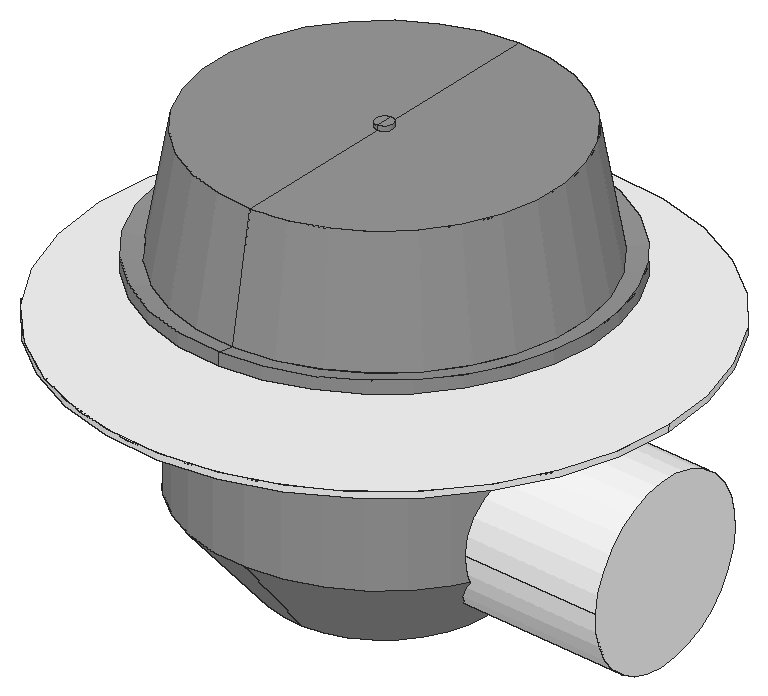
Revit family "HL_RU_Roof drain_HL64PSafe-B-221103", category Instalační zařizovací předměty, Revit 2021
Family settings
  Kóta kulaté spojky = Použít průměr
  Typ dílu = Normální
  Číslo OmniClass = 23.70.50.21.24.14
  Nadpis OmniClass = Deck Waste Water Drains
  Založené na pracovní rovině = Ne
  Vždy vertikální = Ano
  Ořezat dutým tvarem při načtení = Ne
  Sdílené = Ne
  Bod výpočtu místnosti = Ano
Parameters (values of type "HL_Кровельная воронка_HL64PSafe_1")
  РЕШЁТКА = "Laubfangkorb d 262 mm"
  РАЗМЕР = "DN110"
  ПРОПУСКНАЯ СПОСОБНОСТЬ [instance] = 0.0 L/s
  ПРОИЗВОДИТЕЛЬНОСТЬ = "l/s"
  ПРАВОВАЯ ИНФОРМАЦИЯ = "Авторские права(©), права на дизайн или какие либо другие права интелектуальной собственности являются исключительной собственностью компании HL Hutterer & Lechner. Изменению не подлежит. Файл семейства с данными о прозводителе изделия защищен паролем с водяным знаком."
  НОМИНАЛЬНЫЙ ДИАМЕТР = 110 mm
  МАТЕРИАЛ = "PP/PVC"
  ВЫСОТА МОНТАЖА = "150mm"
  ВЕС = "2,231 [kg]"
  Výchozí výška = 0 mm
  Výrobce = "HL Hutterer & Lechner GmbH"  # constant formula
  URL = "http://www.hutterer-lechner.com/ru/products/catalog/roof-drains/HL64PSafe/1.aspx"
  Материал плитка [instance] = none
  Přípoj ventilace = no
  Přípoj odpadních dílů = yes
  Přípoj HW = no
  Přípoj CW = no
  Popis = "Кровельные воронки"
  Model = "HL64PSafe_1"
  Assembly Code = " "
  Komentáře k typům = "HL64PSafe/1, Воронка для аварийного водостока с горизонтальным выпуском DN110 с корпусом из ПВХ, с возможностью регулировки толщины слоя воды"
  Keynote = "HL64PSafe_1"
  EAN = "9003076040940"
  Bысота монтажа [instance] = 28 mm
  G [instance] = 90.00°  # constant formula
  D [instance] = if(НОМИНАЛЬНЫЙ ДИАМЕТР = 75 mm, 162.8 mm, 178 mm)  # 178 mm
  C [instance] = if(Bысота монтажа - 68 mm < 0 mm, 0 mm, Bысота монтажа - 68 mm)  # 0 mm
  B [instance] = Bысота монтажа + if(НОМИНАЛЬНЫЙ ДИАМЕТР = 75 mm, 101 mm, 84 mm)  # 112 mm
  A [instance] = if(B - 100 mm > 15 mm, B - 100 mm, 15 mm)  # 15 mm
Types (3, lengths in mm): name | РАЗМЕР | НОМИНАЛЬНЫЙ ДИАМЕТР | ВЕС | URL | Model | Komentáře k typům | Keynote | EAN | D | B | A
  (no name) | "DN75" | 75 | "2,174 [kg]" | "http://www.hutterer-lechner.com/ru/products/catalog/roof-drains/HL64PSafe/7.aspx" | "HL64PSafe_7" | "HL64PSafe/7, Воронка для аварийного водостока с горизонтальным выпуском DN75 с корпусом из ПВХ, с возможностью регулировки толщины слоя воды" | "HL64PSafe_7" | "9003076040933" | 162.8 | 129 | 29
  HL_Кровельная воронка_HL64PSafe_1 | "DN110" | 110 | "2,231 [kg]" | "http://www.hutterer-lechner.com/ru/products/catalog/roof-drains/HL64PSafe/1.aspx" | "HL64PSafe_1" | "HL64PSafe/1, Воронка для аварийного водостока с горизонтальным выпуском DN110 с корпусом из ПВХ, с возможностью регулировки толщины слоя воды" | "HL64PSafe_1" | "9003076040940" | 178 | 112 | 15
  HL_Кровельная воронка_HL64PSafe_7 | "DN75" | 75 | "2,174 [kg]" | "http://www.hutterer-lechner.com/ru/products/catalog/roof-drains/HL64PSafe/7.aspx" | "HL64PSafe_7" | "HL64PSafe/7, Воронка для аварийного водостока с горизонтальным выпуском DN75 с корпусом из ПВХ, с возможностью регулировки толщины слоя воды" | "HL64PSafe_7" | "9003076040933" | 162.8 | 129 | 29
Reference planes
  plane 1 "Center (Front/Back)": y = 0
  plane 2: z = 0
  plane 3 "Center (Left/Right)": x = 0
  plane 4: z = -112
  plane 5: z = -28
Lines and regions (mm)
  model lines, style "InvisibleLines"
    curve 1: line (0, 0, 0) -> (0, 0, 20)
  model lines, style "PlumbingFixtures", detail levels coarse+medium
    curve 2: line (0, 0, -112) -> (0, 0, -97)
    curve 3: line (0, 0, -97) -> (-97, 0, 0)
    curve 4: line (0, 0, -97) -> (97, 0, 0)
    curve 6: line (0, 0, -112) -> (178, 0, -112)
  reference lines, not visible
    curve 5: line (0, 0, -112) -> (178, 0, -112)
  symbolic lines, style "PlumbingFixtures", detail levels coarse+medium
    curve 7: line (-75, 75, 0) -> (75, 75, 0)
    curve 8: line (-75, -75, 0) -> (-75, 75, 0)
    curve 9: line (75, -75, 0) -> (-75, -75, 0)
    curve 10: line (75, 75, 0) -> (75, -75, 0)
    curve 11: line (-75, 75, 0) -> (-145.711, 145.711, 0)
    curve 12: line (75, 75, 0) -> (145.711, 145.711, 0)
    curve 13: line (-75, -75, 0) -> (-145.711, -145.711, 0)
    curve 14: line (75, -75, 0) -> (145.711, -145.711, 0)
  symbolic lines, style "PlumbingFixtures", not visible, detail levels coarse+medium
    curve 15: line (-75, 75, 0) -> (75, 75, 0)
    curve 16: line (-75, -75, 0) -> (-75, 75, 0)
    curve 17: line (75, -75, 0) -> (-75, -75, 0)
    curve 18: line (75, 75, 0) -> (75, -75, 0)
    curve 19: line (-75, 75, 0) -> (-145.711, 145.711, 0)
    curve 20: line (75, 75, 0) -> (145.711, 145.711, 0)
    curve 21: line (-75, -75, 0) -> (-145.711, -145.711, 0)
    curve 22: line (75, -75, 0) -> (145.711, -145.711, 0)
Text (mm)
  text "FLOOR" at (-162.344, 0, -10.979), in view "Drain Construction View"
Dimensions and locks
  "B": plane 2 to plane 4
  "Bысота монтажа": plane 2 to plane 5
  "A": curve 4 to plane 4
  "D": curve 5 to curve 5
  "D": curve 6 to curve 6
  locked: curve 4 to plane 3 "Center (Left/Right)" (angle 45.00°)
  locked: plane 3 "Center (Left/Right)" to curve 3 (angle 45.00°)
  "G": angle curve 5 to plane 3 "Center (Left/Right)"
  aligned and locked: level to plane 2
  aligned and locked: plane 2 to curve 4
  aligned and locked: plane 2 to curve 3
  aligned and locked: plane 4 to curve 5
  aligned and locked: plane 3 "Center (Left/Right)" to curve 5
  aligned and locked: plane 4 to curve 2
  aligned and locked: plane 3 "Center (Left/Right)" to curve 6
  aligned and locked: plane 4 to curve 6
  aligned and locked: nested 1 to plane 5
  aligned and locked: plane 3 "Center (Left/Right)" to nested 1
  aligned and locked: nested 2 to plane 2
  aligned and locked: plane 3 "Center (Left/Right)" to nested 2
Automatic sketch dimensions
  curve 2 to plane 3 "Center (Left/Right)" = 0 mm
  curve 1 to plane 3 "Center (Left/Right)" = 0 mm
  curve 1 to level = 0 mm
  level to curve 1 = 20 mm
Nested families
  nested 1: "HL_кровельные воронки - корпус_HL64P" at (0, 0, -28), НОМИНАЛЬНЫЙ ДИАМЕТР <- "НОМИНАЛЬНЫЙ ДИАМЕТР", type "HL_кровельные воронки - корпус_HL64P"
    with НОМИНАЛЬНЫЙ ДИАМЕТР 110 mm, L 178 mm, B 84 mm, A 75 mm
  nested 2: "HL_Вспомогательные материалы-Противопожарная защита_HL062.1Safe" at (0, 0, 0), Bысота монтажа <- "Bысота монтажа", type "HL_Вспомогательные материалы-Противопожарная защита_HL062.1Safe"
    with Пропускная способность 0.0 L/s, L 58 mm, IHmin 28 mm, IHmax 68 mm, Bысота монтажа 28 mm
Connectors
  piping at (178, 0, -112), diameter 110, driven by "ПРОПУСКНАЯ СПОСОБНОСТЬ", driven by "НОМИНАЛЬНЫЙ ДИАМЕТР"
    settings: on curve 5, index 1, connector inside diameter 609.6 mm, connector length 0 mm, flow factor 0, pipe flow 0.0 L/s, pressure drop 0.0 Pa, fitting loss kfactor 0, connector angle 0.00°, fixture units 0, engagement length 0 mm, angle of deflection 0.00°, flow configuration 1, flow direction 2, fitting loss method 0, system type 16, joint type 0, gender type 0, connector reference index -1, connector utility 0, adjustable connector yes, is connector primary yes, connector description ""
Definition of nested family "HL_кровельные воронки - корпус_HL64P"
  Parameters (values of type "HL_кровельные воронки - корпус_HL64P")
    НОМИНАЛЬНЫЙ ДИАМЕТР [instance] = 110 mm
    Default Elevation = 0 mm
    Manufacturer = ""
    URL = ""
    Description = ""
    Model = ""
    L [instance] = if(НОМИНАЛЬНЫЙ ДИАМЕТР = 75 mm, 164 mm, 178 mm)  # 178 mm
    Type Comments = ""
    Cost = 0
    B [instance] = if(НОМИНАЛЬНЫЙ ДИАМЕТР = 75 mm, 101.3 mm, 84 mm)  # 84 mm
    A [instance] = if(НОМИНАЛЬНЫЙ ДИАМЕТР = 75 mm, 92.3 mm, 75 mm)  # 75 mm
  Reference planes
    plane 1 "Střed (vpředu/vzadu)": y = 0
    plane 2: z = 0
    plane 3 "Střed (vlevo/vpravo)": x = 0
  Forms (mm)
    Extrusion 1, solid, detail levels fine
      sketch origin (0, 0, 0) x (1, 0, 0) y (0, 1, 0)
        loop
          circle (0, 0) r 180
        loop
          circle (0, 0) r 78.913
      from 0 to -3.5
    Extrusion 2, solid, detail levels fine
      sketch origin (0, 0, -3.5) x (0, 1, 0) y (1, 0, 0)
        loop
          circle (0, 0) r 140
      from 0 to 18
    Extrusion 3, solid, detail levels fine
      sketch origin (0, 0, -21.5) x (-1, 0, 0) y (0, 1, 0)
        loop
          circle (0, 0) r 110
      from 0 to 73.906
    Blend 4, solid, detail levels fine
      base sketch origin (0, 0, -95.406) x (0, -1, 0) y (1, 0, 0)
        loop
          circle (0, 0) r 110
      top sketch origin (0, 0, -95.406) x (0, -1, 0) y (1, 0, 0)
        loop
          circle (0, 0) r 65
      from 0 to -53
    Revolve 5, void
      sketch origin (0, 0, 0) x (1, 0, 0) y (0, 0, 1)
        loop
          line (-78.913, 0) -> (-78.913, -16.281) -> (-74.694, -23.588) -> (-74.694, -24.914) -> (-75.511, -24.914) -> (-75.511, -30.304) -> (-64.679, -30.304) -> (-64.679, -32.804) -> (0, -32.804) -> (0, 0) -> (-78.913, 0)
        axis (0, 0) -> (0, -32.804)
      angle from 0 to 360
    Extrusion 6, solid, detail levels fine
      sketch origin (178.231, 0, -84) x (0, -1, 0) y (-0.050432, 0, -0.998727)
        loop
          circle (0, 0.078) r 55
      from -0.458 to -104.708
  Cuts and joins
    Revolve 5 cuts Extrusion 1
    Revolve 5 cuts Extrusion 2
    Revolve 5 cuts Extrusion 3
  Lines and regions (mm)
    reference lines
      curve 1: line (0, 0, -75) -> (178.231, 0, -84)
  Dimensions and locks
    "B": plane 2 to curve 1
    "L": Extrusion 6 to curve 1
    "A": plane 2 to curve 1
    "НОМИНАЛЬНЫЙ ДИАМЕТР": diameter of Extrusion 6 sketch curve
    aligned and locked: level to plane 2
  Automatic sketch dimensions
    Extrusion 1 sketch curve to Extrusion 1 sketch curve = 0 mm  (x2)
    plane 1 "Střed (vpředu/vzadu)" to Extrusion 1 sketch curve = 0 mm
    Extrusion 1 sketch curve to plane 3 "Střed (vlevo/vpravo)" = 0 mm
    Revolve 5 sketch curve to level = 0 mm
    Revolve 5 sketch curve to plane 3 "Střed (vlevo/vpravo)" = 0 mm  (x2)
    Revolve 5 sketch curve to level = 30.304 mm
    Revolve 5 sketch curve to plane 3 "Střed (vlevo/vpravo)" = 64.679 mm
    Revolve 5 sketch curve to level = 23.588 mm
    Revolve 5 sketch curve to Revolve 5 sketch curve = 10.016 mm
    Revolve 5 sketch curve to Revolve 5 sketch curve = 0.817 mm
    Revolve 5 sketch curve to Revolve 5 sketch curve = 4.218 mm
    Revolve 5 sketch curve to Revolve 5 sketch curve = 32.804 mm
    Revolve 5 sketch curve to Revolve 5 sketch curve = 1.326 mm
    Revolve 5 sketch curve to Revolve 5 sketch curve = 7.307 mm
    level to Revolve 5 sketch curve = 25 mm
    Revolve 5 sketch curve to Revolve 5 sketch curve = 50 mm
    curve 1 to plane 3 "Střed (vlevo/vpravo)" = 0 mm
    plane 3 "Střed (vlevo/vpravo)" to curve 1 = 178.231 mm
    Extrusion 6 sketch curve to plane 1 "Střed (vpředu/vzadu)" = 0 mm
    radius of Extrusion 1 sketch curve = 180 mm
    radius of Extrusion 1 sketch curve = 78.913 mm
    radius of Extrusion 2 sketch curve to Extrusion 1 = 40 mm
    radius of Extrusion 3 sketch curve to Extrusion 2 = 30 mm
    radius of Blend 4 sketch curve to Extrusion 3 = 0 mm
    radius of Blend 4 sketch curve to Extrusion 3 = 45 mm
Definition of nested family "HL_Вспомогательные материалы-Противопожарная защита_HL062.1Safe"
  Parameters (values of type "HL_Вспомогательные материалы-Противопожарная защита_HL062.1Safe")
    РЕШЁТКА = "Laubfangkorb d 262 mm"
    ПРАВОВАЯ ИНФОРМАЦИЯ = "Авторские права(©), права на дизайн или какие либо другие права интелектуальной собственности являются исключительной собственностью компании HL Hutterer & Lechner. Изменению не подлежит. Файл семейства с данными о прозводителе изделия защищен паролем с водяным знаком."
    МАТЕРИАЛ = "PP"
    ВЕС = "1,25 [kg]"
    Default Elevation = 0 mm
    Manufacturer = "HL Hutterer & Lechner GmbH"
    URL = "http://www.hutterer-lechner.com/ru/products/catalog/roof-drains/HL062.1Safe.aspx"
    Материал плитка = none
    Description = "Кровельные воронки"
    Model = "HL062.1Safe"
    L [instance] = if(Bысота монтажа < IHmin, -100 mm, if(Bысота монтажа > IHmax, -100 mm, Bысота монтажа + 30 mm))  # 58 mm
    Type Comments = "HL062.1Safe, Вставка в воронку для аварийного водоотведения"
    Keynote = "HL062.1Safe"
    Bысота монтажа [instance] = 28 mm
    IHmin [instance] = 28 mm
    IHmax [instance] = 68 mm
    Пропускная способность [instance] = 0.0 L/s
    EAN = "9003076040605"
    Cost = 0
  Reference planes
    plane 1 "Střed (vpředu/vzadu)": y = 0
    plane 2: z = 0
    plane 3 "Střed (vlevo/vpravo)": x = 0
  Forms (mm)
    Revolve 1, solid, detail levels fine
      sketch origin (0, 0, 0) x (0, 1, 0) y (0, 0, 1)
        loop
          line (0, 81.1) -> (-5.25, 81.1) -> (-5.25, 78.5) -> (-106.614, 78.5) -> (-119.486, 5.5) -> (-101.611, 5.5) -> (-90.568, 68.124) -> (0, 68.124) -> (0, 81.1)
        axis (0, 81.1) -> (0, 5.5)
      angle from 0 to 360
    Extrusion 2, solid, detail levels fine
      sketch origin (0, 0, 68.124) x (-1, 0, 0) y (0, 1, 0)
        loop
          circle (-50, 0) r 11.945
      from 0 to 82.224
    Extrusion 3, solid, detail levels fine
      sketch origin (-100, 0, 68.124) x (-1, 0, 0) y (0, 1, 0)
        loop
          circle (-50, 0) r 11.945
      from 0 to 82.224
    Revolve 4, solid, detail levels fine
      sketch origin (0, 0, 0) x (0, 1, 0) y (0, 0, 1)
        loop
          line (-130.983, 7.735) -> (-130.983, 0) -> (-69.061, 0) -> (-64.445, -4.616) -> (-64.445, -65.123) -> (-63.068, -66.5) -> (-58.068, -66.5) -> (-58.068, -4.58) -> (-68.148, 5.5) -> (-119.486, 5.5) -> (-130.983, 7.735)
        axis (0, 7.735) -> (0, -66.5)
      angle from 0 to 360
    Revolve 5, solid, detail levels fine
      sketch origin (0, 69.895, -58) x (0, -1, 0) y (0, 0, -1)
        loop
          line (149.29, -29.5) -> (149.29, -9.5) -> (139.79, 0) -> (134.34, 0) -> (134.34, -44) -> (138.069, -44) -> (138.069, -29.5) -> (149.29, -29.5)
        axis (69.895, -44) -> (69.895, 0)
      angle from 0 to 360
  Lines and regions (mm)
    reference lines
      curve 1: line (0, 69.895, -58) -> (0, -190.105, -58)
  Dimensions and locks
    "L": curve 1 to plane 2
    aligned and locked: level to plane 2
  Automatic sketch dimensions
    Revolve 1 sketch curve to plane 1 "Střed (vpředu/vzadu)" = 0 mm  (x2)
    plane 1 "Střed (vpředu/vzadu)" to Revolve 1 sketch curve = 5.25 mm
    Revolve 1 sketch curve to Revolve 1 sketch curve = 85.318 mm
    level to Revolve 1 sketch curve = 5.5 mm
    Revolve 1 sketch curve to Revolve 1 sketch curve = 11.042 mm
    Revolve 1 sketch curve to Revolve 1 sketch curve = 16.046 mm
    Revolve 1 sketch curve to Revolve 1 sketch curve = 17.876 mm
    Revolve 1 sketch curve to Revolve 1 sketch curve = 62.624 mm
    Revolve 1 sketch curve to Revolve 1 sketch curve = 10.376 mm
    Revolve 1 sketch curve to Revolve 1 sketch curve = 2.6 mm
    Revolve 1 sketch curve to Revolve 1 sketch curve = 40 mm
    Revolve 1 sketch curve to Revolve 1 sketch curve = 25 mm
    Extrusion 2 sketch curve to Revolve 1 = 50 mm
    Revolve 1 to Extrusion 3 sketch curve = 50 mm
    level to Revolve 4 sketch curve = 0 mm
    Revolve 4 sketch curve to plane 1 "Střed (vpředu/vzadu)" = 0 mm
    plane 1 "Střed (vpředu/vzadu)" to Revolve 4 sketch curve = 58.068 mm
    Revolve 4 sketch curve to Revolve 4 sketch curve = 5 mm
    Revolve 4 sketch curve to Revolve 4 sketch curve = 1.377 mm  (x2)
    Revolve 4 sketch curve to Revolve 4 sketch curve = 3.703 mm
    Revolve 4 sketch curve to Revolve 4 sketch curve = 0.913 mm
    level to Revolve 4 sketch curve = 5.5 mm
    Revolve 4 sketch curve to Revolve 4 sketch curve = 50.425 mm
    Revolve 4 sketch curve to Revolve 4 sketch curve = 11.497 mm
    Revolve 4 sketch curve to level = 4.58 mm
    Revolve 4 sketch curve to level = 4.616 mm
    Revolve 4 sketch curve to Revolve 4 sketch curve = 60.507 mm
    level to Revolve 4 sketch curve = 7.735 mm
    Revolve 4 sketch curve to Revolve 4 sketch curve = 10 mm
    Revolve 4 sketch curve to Revolve 4 sketch curve = 35 mm
    Revolve 5 sketch curve to curve 1 = 0 mm
    curve 1 to Revolve 5 sketch curve = 44 mm
    Revolve 5 sketch curve to curve 1 = 125.66 mm
    Revolve 5 sketch curve to Revolve 5 sketch curve = 3.729 mm
    Revolve 5 sketch curve to Revolve 5 sketch curve = 5.45 mm
    Revolve 5 sketch curve to Revolve 5 sketch curve = 11.221 mm
    Revolve 5 sketch curve to Revolve 5 sketch curve = 14.5 mm
    curve 1 to Revolve 5 sketch curve = 9.5 mm
    curve 1 to Revolve 5 sketch curve = 69.895 mm
    Revolve 5 sketch curve to curve 1 = 15 mm
    Revolve 5 sketch curve to Revolve 5 sketch curve = 40 mm
    plane 1 "Střed (vpředu/vzadu)" to curve 1 = 190.105 mm
    curve 1 to plane 1 "Střed (vpředu/vzadu)" = 69.895 mm
    radius of Extrusion 2 sketch curve = 11.945 mm
    radius of Extrusion 3 sketch curve = 11.945 mm
